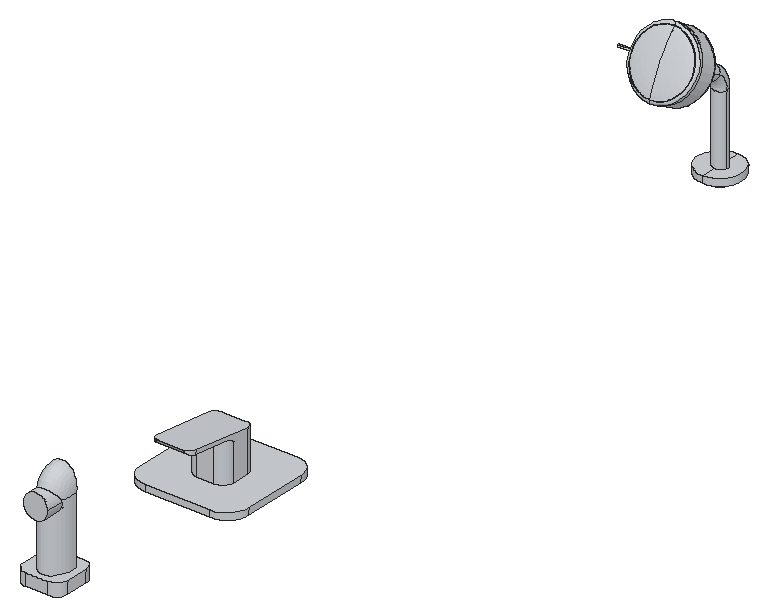
Revit family "Shower_Kit-Lixil-Grohe-Cubeo_Pressure_Balance_Valve_Tub_and_Shower-105380", category Plumbing Fixtures, host Face, Revit 2023
Family settings
  Host = Face
  Round Connector Dimension = Use Diameter
  Part Type = Normal
  OmniClass Number = 23.45.05.14.17
  OmniClass Title = Showers
  Enable Cutting in Views = No
  Cut with Voids When Loaded = No
  Maintain Annotation Orientation = No
  Shared = No
  Room Calculation Point = No
Parameters (values of type "Chrome")
  Waste Connection = 1 = 0  # no
  Warranty URL = "Contact Manufacturer for More Information"
  WFU = 0
  Version = "2023 v.1.0a"  # constant formula
  Vent Connection = 1 = 0  # no
  URL = "https://www.grohe.com/en/corporate/homepage.html"
  Type Comments = ""
  Support Phone = "224-699-9545"  # constant formula
  Support Email = "mailto:support@bimsmith.com"
  Shower Head Height [instance] = 6' - 0"
  Product Page URL = "https://lixilpro.com/products/Bathroom-Faucets/bath-trim/Cubeo-Pressure-Balance-Valve-Tub-Shower-Trim-Kit/Chrome-(G00)-1053800000/"
  Product Name = "Cubeo Pressure Balance Valve Tub/Shower Trim Kit"  # constant formula
  Product Documentation Link = "https://lixil.cdn.celum.cloud/252853_105380_Cubeo_PB_valve_tub-shower_trim_kit_original.pdf"
  Tub Spout Height [instance] = 2' - 0"
  Model = "1053800000"
  Material = "Solid Brass Body Construction"  # constant formula
  Manufacturer Phone Number = "+1 (800) 444-7643"  # constant formula
  Manufacturer Email = "Contact Manufacturer for More Information"
  Manufacturer Address = "Contact Manufacturer for More Information"
  Manufacturer = "LIXIL"  # constant formula
  Lever Handle Height [instance] = 3' - 0"
  Keynote = "22 41 39"
  HWFU = 0
  HW Connection = 1 = 0  # no
  Flow Rate = 0 GPM
  Finish = Metal - Grohe - Chrome
  Description = "Tub/Shower Trim Kit"  # constant formula
  Default Elevation = 0' - 0"  # constant formula
  Copyright = "©LIXIL® | All Rights Reserved"  # constant formula
  Collection = "Cubeo"  # constant formula
  CWFU = 0
  CW Connection = 1 = 0  # no
  C Tub Spout Height [instance] = if(Tub Spout Height < 0' 10", 0' 10", Tub Spout Height)  # 2' - 0"
  C Shower Head [instance] = if(Shower Head Height < C Lever Handle Height + 0' 10", C Lever Handle Height + 0' 10", Shower Head Height)  # 6' - 0"
  C Lever Handle Height [instance] = if(Lever Handle Height < C Tub Spout Height + 0' 10", C Tub Spout Height + 0' 10", Lever Handle Height)  # 3' - 0"
  Brand = "Grohe"  # constant formula
  Assembly Code = "D2010700"
Types (4): name | Product Page URL | Model | Finish
  Chrome | "https://lixilpro.com/products/Bathroom-Faucets/bath-trim/Cubeo-Pressure-Balance-Valve-Tub-Shower-Trim-Kit/Chrome-(G00)-1053800000/" | "1053800000" | Metal - Grohe - Chrome
  Matte Black | "https://lixilpro.com/products/Bathroom-Faucets/bath-trim/Cubeo-Pressure-Balance-Valve-Tub-Shower-Trim-Kit/Matte-Black-(243)-1053802430/" | "1053802430" | Metal - Grohe - Matte Black
  Brushed Nickel | "https://lixilpro.com/products/Bathroom-Faucets/bath-trim/Cubeo-Pressure-Balance-Valve-Tub-Shower-Trim-Kit/Brushed-Nickel-(GEN)-105380EN00/" | "105380EN00" | Metal - Grohe - Brushed Nickel
  Brushed Cool Sunrise | "https://lixilpro.com/products/Bathroom-Faucets/bath-trim/Cubeo-Pressure-Balance-Valve-Tub-Shower-Trim-Kit/Brushed-Cool-Sunrise-(GGN)-105380GN00/" | "105380GN00" | Metal - Grohe - Brushed Cool Sunrise
Reference planes (in)
  plane 1 "Center (Front/Back)": y = 3.48817
  plane 2: z = 0
  plane 3 "Center (Left/Right)": x = 0
  plane 4 "FF": y = -32.51183
  plane 5: y = 39.48817
  plane 6: y = -32.51183
  plane 7: y = -8.51183
  plane 8: z = -6
Forms (in)
  Extrusion 1, void
    sketch origin (0, 0, 0) x (1, 0, 0) y (0, 1, 0)
      loop
        circle (0, 39.48817) r 0.41509
      loop
        circle (0, -8.51183) r 0.375
    from 0 to -6
Dimensions and locks (in)
  "C Shower Head": plane 5 to plane 4 "FF"
  "C Tub Spout Height": plane 7 to plane 6
  "C Lever Handle Height": plane 4 "FF" to plane 1 "Center (Front/Back)"
  level to plane 2 to plane 8 = 0' - 0", 0' - 6"
  aligned and locked: plane 2 to host face
  aligned and locked: level to host face
  aligned and locked: plane 3 "Center (Left/Right)" to nested 1
  aligned and locked: nested 1 to plane 5
  aligned and locked: plane 1 "Center (Front/Back)" to nested 3
  aligned and locked: plane 3 "Center (Left/Right)" to nested 3
  aligned and locked: plane 3 "Center (Left/Right)" to nested 2
  aligned and locked: nested 2 to plane 7
  aligned and locked: plane 5 to Extrusion 1 sketch curve
  aligned and locked: plane 3 "Center (Left/Right)" to Extrusion 1 sketch curve  (x2)
  aligned and locked: plane 7 to Extrusion 1 sketch curve
  aligned and locked: Extrusion 1 to plane 8
Automatic sketch dimensions
  host sketch curve to host sketch curve = 3' - 7.15541"
  host sketch curve to host sketch curve = 6' - 8.51183"
  radius of Extrusion 1 sketch curve = 0' - 0.41509"
  radius of Extrusion 1 sketch curve = 0' - 0 3/8"
Nested families (in)
  nested 1: "Tempesta_Shower_Head_Arm" at (0, 39.48817, 0), type "Tempesta_Shower_Head_Arm"
  nested 2: "Cubeo_Diverter_Spout" at (0, -8.51183, 0), type "Cubeo_Diverter_Spout"
  nested 3: "Shower_Trim" at (0, 3.48817, 0), type "Shower_Trim"
Connectors (in)
  piping at (0, 39.48817, -0.5315), diameter 0.5, driven by "Flow Rate"
    settings: on nested 1, index 1, connector inside diameter 24", connector length 0' - 0", flow factor 0, pipe flow 0 GPM, pressure drop 0.00 psi, fitting loss kfactor 0, connector angle 0.00°, fixture units 0, engagement length 0' - 0", angle of deflection 0.00°, flow configuration 0, flow direction 1, fitting loss method 0, system type 29, joint type 0, gender type 0, connector reference index -1, connector utility 0, adjustable connector no, is connector primary yes, connector description ""
  piping at (0, -8.51183, 0), diameter 0.5, driven by "Flow Rate"
    settings: on nested 2, index 2, connector inside diameter 24", connector length 0' - 0", flow factor 0, pipe flow 0 GPM, pressure drop 0.00 psi, fitting loss kfactor 0, connector angle 0.00°, fixture units 0, engagement length 0' - 0", angle of deflection 0.00°, flow configuration 0, flow direction 1, fitting loss method 0, system type 29, joint type 0, gender type 0, connector reference index -1, connector utility 0, adjustable connector no, is connector primary no, connector description ""
Definition of nested family "Tempesta_Shower_Head_Arm"
  Parameters (values of type "Tempesta_Shower_Head_Arm")
    Material = none
    Default Elevation = 4' - 0"
  Reference planes (in)
    plane 1 "Center (Front/Back)": y = 0
    plane 2: z = 0
    plane 3 "Center (Left/Right)": x = 0
    plane 4: through (0, -2.78329, 6.70046) normal (0, 0.5, 0.866)
  Forms (in)
    Extrusion 1, solid
      sketch origin (0, 0, 0) x (1, 0, 0) y (0, 1, 0)
        loop
          line (-48, 48) -> (-48, -48) -> (48, -48) -> (48, 48) -> (-48, 48)
      from 0 to -12
    Sweep 2, solid, material <- "Material"
      path origin (0, 0, 0) x (0, 1, 0) y (0, 0, 1)
        loop
          line (0, -0.5315) -> (0, 4.40647)
          arc (0, 4.40647) -> (-0.15943, 5.00147) -> (-0.595, 5.43705) r 1.19
          line (-0.595, 5.43705) -> (-1.65493, 6.049)
      profile origin (0, 0, 1.93749) x (0, -1, 0) y (1, 0, 0)
        loop
          circle (0, 0) r 0.41509
    Revolve 3, solid, material <- "Material"
      sketch origin (0, 0, 0) x (0, 1, 0) y (0, 0, 1)
        loop
          line (1.2769, 0) -> (1.2769, 0.3937) -> (0.41509, 0.3937) -> (0.41509, 0) -> (1.2769, 0)
        axis (0, 0) -> (0, 0.3937)
      angle from 0 to 360
    Revolve 4, solid, material <- "Material"
      sketch origin (0, 0, 0) x (0, 1, 0) y (0, 0, 1)
        loop
          line (-1.33896, 6.47817) -> (-1.83312, 6.76347) -> (-1.96475, 6.64904) -> (-2.09656, 6.72514) -> (-1.87957, 7.10098) -> (-2.37376, 7.40979) -> (-1.97655, 8.33493)
          arc (-1.97655, 8.33493) -> (-1.97347, 8.39032) -> (-2.00681, 8.43465) r 0.08086
          line (-2.00681, 8.43465) -> (-2.90059, 9.01508) -> (-2.96862, 8.89726) -> (-2.93805, 9.03941) -> (-3.07962, 9.13134)
          spline (-3.07962, 9.13134) -> (-3.08962, 9.13567) -> (-3.10085, 9.13782) -> (-3.11331, 9.13779) -> (-3.12698, 9.13559) -> (-3.14184, 9.13122) -> (-3.15787, 9.12467) -> (-3.17505, 9.11597) -> (-3.19336, 9.10512) -> (-3.21278, 9.09213) -> (-3.23328, 9.07703) -> (-3.25484, 9.05983) -> (-3.27742, 9.04055)
          line (-3.27742, 9.04055) -> (-3.22856, 8.99168) -> (-3.28854, 9.03063)
          spline (-3.28854, 9.03063) -> (-3.35355, 8.96796) -> (-3.42474, 8.89184) -> (-3.50149, 8.80296) -> (-3.58313, 8.70208) -> (-3.66894, 8.5901) -> (-3.75816, 8.46799) -> (-3.85001, 8.33683) -> (-3.94369, 8.19778) -> (-4.03837, 8.05204) -> (-4.13323, 7.9009) -> (-4.22743, 7.74568) -> (-4.32014, 7.58775)
          line (-4.32014, 7.58775) -> (-1.60379, 6.01947) -> (-1.33896, 6.47817)
        axis (-1.60379, 6.01947) -> (-4.32014, 7.58775)
      angle from 0 to 360
    Extrusion 5, solid, material <- "Material", detail levels fine
      sketch origin (0, -2.78329, 6.70046) x (0, 0.866025, -0.5) y (-1, 0, 0)
        loop
          line (-1.4128, 1.80091) -> (-1.1699, 2.04381) -> (-1.39444, 2.66074) -> (-1.78053, 2.43783) -> (-1.4128, 1.80091)
      from -0.05859 to 0.05859
  Dimensions and locks (in)
    aligned and locked: plane 2 to Extrusion 1
    aligned and locked: level to Extrusion 1
    aligned and locked: Revolve 3 sketch curve to plane 1 "Center (Front/Back)"
Definition of nested family "Cubeo_Diverter_Spout"
  Parameters
    Material = none
    Default Elevation = 4' - 0"
  Reference planes (in)
    plane 1 "Center (Front/Back)": y = 0
    plane 2: z = 0
    plane 3 "Center (Left/Right)": x = 0
  Forms (in)
    Extrusion 1, solid
      sketch origin (0, 0, 0) x (1, 0, 0) y (0, 1, 0)
        loop
          line (-48, 48) -> (-48, -48) -> (48, -48) -> (48, 48) -> (-48, 48)
      from 0 to -12
    Sweep 2, solid, material <- "Material"
      path origin (0, 0, 0) x (0, 1, 0) y (0, 0, 1)
        loop
          line (-0.92694, 0.70866) -> (-0.92694, 4.54949)
          arc (-0.92694, 4.54949) -> (-0.50353, 5.57168) -> (0.51865, 5.99508) r 1.44559
      profile origin (0, -0.92694, 2.62908) x (0, -1, 0) y (1, 0, 0)
        loop
          line (-1.4224, 0.81781) -> (-1.4224, -0.81781)
          spline (-1.4224, -0.81781) -> (-1.07614, -0.8356) -> (-0.73793, -0.77944) -> (-0.43768, -0.65431) -> (-0.20196, -0.47128) -> (-0.05163, -0.24655) -> (0, 0) -> (-0.05163, 0.24655) -> (-0.20196, 0.47128) -> (-0.43768, 0.65431) -> (-0.73793, 0.77944) -> (-1.07614, 0.8356) -> (-1.4224, 0.81781)
    Extrusion 3, solid, material <- "Material"
      sketch origin (0, 0, 0) x (1, 0, 0) y (0, 0, 1)
        loop
          circle (0, 4.39074) r 0.70804
      from 0 to 1.36682
    Revolve 4, solid, material <- "Material"
      sketch origin (0, 0, 0) x (0, 1, 0) y (0, 0, 1)
        loop
          line (1.15382, 4.88256) -> (0.57793, 4.88256)
          arc (0.57793, 4.88256) -> (0.55902, 4.87473) -> (0.55118, 4.85581) r 0.02675
          line (0.55118, 4.85581) -> (0.55118, 4.72246) -> (0.51865, 4.72246) -> (0.51865, 4.58714) -> (1.17888, 4.58714) -> (1.17888, 4.8575)
          arc (1.17888, 4.8575) -> (1.17154, 4.87522) -> (1.15382, 4.88256) r 0.02506
        axis (0.51865, 4.58714) -> (1.17888, 4.58714)
      angle from 0 to 360
    Extrusion 5, solid, material <- "Material"
      sketch origin (0, 0, 0) x (1, 0, 0) y (0, 1, 0)
        loop
          arc (-1.29378, -0.65056) -> (-1.10645, -1.10281) -> (-0.65421, -1.29014) r 0.63957
          line (-0.65421, -1.29014) -> (0.65421, -1.29014)
          arc (0.65421, -1.29014) -> (1.10645, -1.10281) -> (1.29378, -0.65056) r 0.63957
          line (1.29378, -0.65056) -> (1.29378, 0.65056)
          arc (1.29378, 0.65056) -> (1.10645, 1.10281) -> (0.65421, 1.29014) r 0.63957
          line (0.65421, 1.29014) -> (-0.65421, 1.29014)
          arc (-0.65421, 1.29014) -> (-1.10645, 1.10281) -> (-1.29378, 0.65056) r 0.63957
          line (-1.29378, 0.65056) -> (-1.29378, -0.65056)
      from 0 to 0.70866
  Dimensions and locks (in)
    aligned and locked: plane 2 to Extrusion 1
    aligned and locked: level to Extrusion 1
Definition of nested family "Shower_Trim"
  Parameters (values of type "Shower_Trim")
    Material = none
    Finish = none
    Default Elevation = 4' - 0"
  Reference planes (in)
    plane 1 "Center (Front/Back)": y = 0
    plane 2: z = 0
    plane 3 "Center (Left/Right)": x = 0
    plane 4: y = 3.125
    plane 5: y = -3.125
    plane 6: x = 3.125
    plane 7: x = -3.125
    plane 8: y = -1.125
    plane 9: y = -0.48828
    plane 10: y = 0.98386
  Forms (in)
    Extrusion 1, solid
      sketch origin (0, 0, 0) x (1, 0, 0) y (0, 1, 0)
        loop
          line (-48, 48) -> (-48, -48) -> (48, -48) -> (48, 48) -> (-48, 48)
      from 0 to -12
    Extrusion 2, solid, material <- "Finish"
      sketch origin (0, 0, 0) x (1, 0, 0) y (0, 1, 0)
        loop
          arc (-1.875, 3.125) -> (-2.75888, 2.75888) -> (-3.125, 1.875) r 1.25
          line (-3.125, 1.875) -> (-3.125, -1.875)
          arc (-3.125, -1.875) -> (-2.75888, -2.75888) -> (-1.875, -3.125) r 1.25
          line (-1.875, -3.125) -> (1.875, -3.125)
          arc (1.875, -3.125) -> (2.75888, -2.75888) -> (3.125, -1.875) r 1.25
          line (3.125, -1.875) -> (3.125, 1.875)
          arc (3.125, 1.875) -> (2.75888, 2.75888) -> (1.875, 3.125) r 1.25
          line (1.875, 3.125) -> (-1.875, 3.125)
      from 0 to 0.37358
    Extrusion 3, solid, material <- "Finish"
      sketch origin (0, 0, 0) x (1, 0, 0) y (0, 1, 0)
        loop
          line (-0.48828, -1.125) -> (0.48828, -1.125)
          arc (0.48828, -1.125) -> (0.93851, -0.93851) -> (1.125, -0.48828) r 0.63672
          line (1.125, -0.48828) -> (1.125, 0.00031) -> (-1.125, 0.00031) -> (-1.125, -0.48828)
          arc (-1.125, -0.48828) -> (-0.93851, -0.93851) -> (-0.48828, -1.125) r 0.63672
      from 0.37358 to 2.82186
    Extrusion 4, solid, material <- "Finish"
      sketch origin (0, 0, 0) x (0, 1, 0) y (-1, 0, 0)
        loop
          line (0.51855, 1.125) -> (-3.20459, 1.125)
          arc (-3.20459, 1.125) -> (-3.53538, 0.98798) -> (-3.67239, 0.6572) r 0.4678
          line (-3.67239, 0.6572) -> (-3.67239, -0.6572)
          arc (-3.67239, -0.6572) -> (-3.53538, -0.98798) -> (-3.20459, -1.125) r 0.4678
          line (-3.20459, -1.125) -> (0.51855, -1.125)
          arc (0.51855, -1.125) -> (0.84757, -0.98871) -> (0.98386, -0.65969) r 0.46531
          line (0.98386, -0.65969) -> (0.98386, 0.65969)
          arc (0.98386, 0.65969) -> (0.84757, 0.98871) -> (0.51855, 1.125) r 0.46531
      from 0.37358 to 3.5
    Extrusion 5, void
      sketch origin (0, -0.6237, -1.00591) x (0, 1, 0) y (0, 0, 1)
        loop
          arc (-2.5013, 4.00901) -> (-2.70172, 4.04638) -> (-2.89597, 4.10832) r 1.64073
          arc (-2.89597, 4.10832) -> (-2.99864, 4.18422) -> (-3.04869, 4.30169) r 0.24311
          line (-3.04869, 4.30169) -> (1.85445, 3.69966) -> (1.85445, 5.04284) -> (-4.00086, 5.04284) -> (-4.00086, 1.37949) -> (0.13542, 1.37949) -> (0.13542, 3.33782)
          arc (0.13542, 3.33782) -> (0.03683, 3.59804) -> (-0.20943, 3.72761) r 0.39271
          line (-0.20943, 3.72761) -> (-2.5013, 4.00901)
      from -1.125 to 1.125
  Cuts and joins
    Extrusion 5 cuts Extrusion 4
    joined: Extrusion 3, Extrusion 4
  Lines and regions (in)
    model lines, detail levels fine
      curve 1: line (-0.32989, 2.73433, 0.37358) -> (0.32989, 2.73433, 0.37358)
      curve 2: line (-0.32989, 2.48433, 0.37358) -> (-0.32989, 2.73433, 0.37358)
      curve 3: line (0.32989, 2.48433, 0.37358) -> (-0.32989, 2.48433, 0.37358)
      curve 4: line (0.32989, 2.73433, 0.37358) -> (0.32989, 2.48433, 0.37358)
  Dimensions and locks (in)
    equal spacing: plane 7, plane 3 "Center (Left/Right)", plane 6
    plane 7 to plane 6 = 0' - 6 1/4"
    equal spacing: plane 4, plane 1 "Center (Front/Back)", plane 5
    plane 4 to plane 5 = 0' - 6 1/4"
    Extrusion 4 sketch curve to Extrusion 4 sketch curve = 0' - 4 21/32"
    equal spacing: curve 2, plane 3 "Center (Left/Right)", curve 4
    aligned and locked: plane 2 to Extrusion 1
    aligned and locked: level to Extrusion 1
    aligned and locked: Extrusion 2 sketch curve to plane 4
    aligned and locked: plane 7 to Extrusion 2 sketch curve
    aligned and locked: plane 5 to Extrusion 2 sketch curve
    aligned and locked: Extrusion 2 sketch curve to plane 6
  Automatic sketch dimensions
    Extrusion 1 sketch curve to Extrusion 1 sketch curve = 8' - 0"  (x2)
    plane 7 to Extrusion 2 sketch curve = 0' - 1 1/4"
    Extrusion 2 sketch curve to plane 4 = 0' - 1 1/4"
    Extrusion 2 sketch curve to plane 8 = 0' - 0 3/4"
    Extrusion 2 sketch curve to plane 6 = 0' - 1 1/4"
    Extrusion 3 sketch curve to plane 8 = 0' - 0"
    plane 1 "Center (Front/Back)" to Extrusion 3 sketch curve = 0' - 0 125/256"  (x2)
    Extrusion 3 sketch curve to plane 3 "Center (Left/Right)" = 0' - 1 1/8"
    plane 3 "Center (Left/Right)" to Extrusion 3 sketch curve = 0' - 0 125/256"
    Extrusion 3 sketch curve to plane 1 "Center (Front/Back)" = 0' - 0.00031"
    Extrusion 4 sketch curve to plane 5 = 0' - 0.54739"
    Extrusion 4 sketch curve to plane 5 = 0' - 0.07959"  (x2)
    Extrusion 4 sketch curve to plane 1 "Center (Front/Back)" = 0' - 0.51855"
    Extrusion 4 sketch curve to Extrusion 4 sketch curve = 0' - 0.46531"
    plane 3 "Center (Left/Right)" to Extrusion 4 sketch curve = 0' - 1 1/8"
    Extrusion 4 sketch curve to Extrusion 4 sketch curve = 0' - 0"
    Extrusion 4 sketch curve to plane 3 "Center (Left/Right)" = 0' - 0.6572"
    Extrusion 5 sketch curve to plane 9 = 0' - 0"
    Extrusion 5 sketch curve to plane 5 = 0' - 0.30656"
    Extrusion 5 sketch curve to Extrusion 5 sketch curve = 0' - 0.24083"
    plane 5 to Extrusion 5 sketch curve = 0' - 0.19995"
    plane 8 to Extrusion 5 sketch curve = 0' - 0.24401"
    plane 8 to Extrusion 5 sketch curve = 0' - 0.29187"
    Extrusion 5 sketch curve to Extrusion 5 sketch curve = 0' - 1.95833"
    Extrusion 5 sketch curve to Extrusion 5 sketch curve = 0' - 0.36184"
    Extrusion 5 sketch curve to Extrusion 5 sketch curve = 0' - 0.03322"
    Extrusion 5 sketch curve to Extrusion 5 sketch curve = 0' - 0.74115"
    Extrusion 5 sketch curve to Extrusion 5 sketch curve = 0' - 0.08811"
    Extrusion 5 sketch curve to Extrusion 5 sketch curve = 0' - 0"
    Extrusion 5 sketch curve to plane 1 "Center (Front/Back)" = 0' - 1.23075"
    Extrusion 5 sketch curve to plane 5 = 0' - 0"
    Extrusion 5 sketch curve to Extrusion 5 sketch curve = 0' - 0.95216"
    level to Extrusion 5 sketch curve = 0' - 0.37358"
    curve 3 to Extrusion 2 = 0' - 0.64067"
    curve 3 to Extrusion 2 = 0' - 2.79511"
    curve 2 to curve 2 = 0' - 0 1/4"
